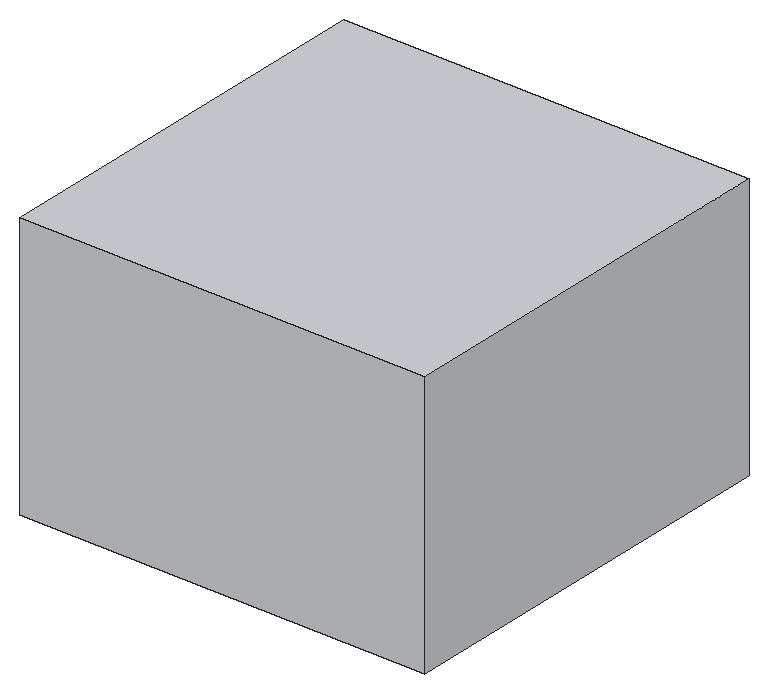
Revit family "TEMP_MATERIAL_XFER_R22", category Generic Models, Revit 2022
Family settings
  Can host rebar = No
  Round Connector Dimension = Use Diameter
  Part Type = Normal
  Work Plane-Based = No
  Always vertical = Yes
  Cut with Voids When Loaded = No
  Maintain Annotation Orientation = No
  Shared = No
  Room Calculation Point = No
Parameters
  Material = none
  Default Elevation = 0 mm
Reference planes
  plane 1 "Center (Front/Back)": y = 0
  plane 2: z = 0
  plane 3 "Center (Left/Right)": x = 0
Forms (mm)
  Extrusion 1, solid, material <- "Material"
    sketch origin (0, 0, 0) x (1, 0, 0) y (0, 1, 0)
      loop
        line (0, 0) -> (0, -380) -> (380, -380) -> (380, 0) -> (0, 0)
    from 0 to 250
Dimensions and locks
  aligned and locked: level to plane 2
